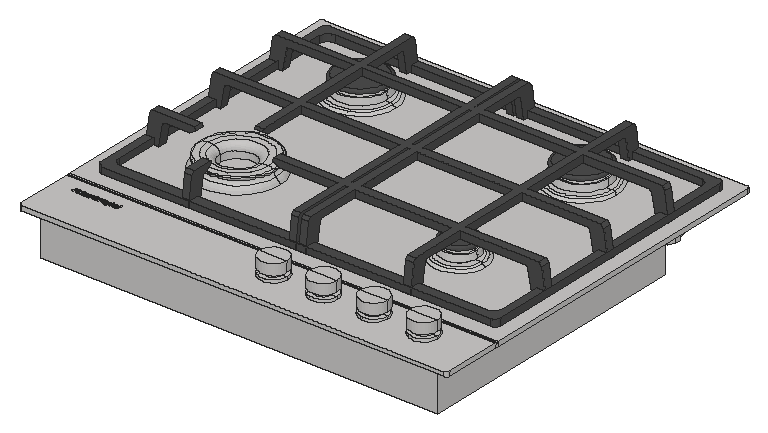
Revit family "CG604DX1 COOKTOP", category Generic Models, Revit 2013
Parameters (values of type "Fisher&Paykel Cooktop CG604DX1")
  Width = 600.000 mm
  URL = "www.fisherpaykel.com"
  Frame = Metal
  Model = "CG604DX1"
  Manufacturer = "Fisher&Paykel"
  Height = 64.850 mm
  Description = "Fisher&Paykel Cooktop CG604DX1"
  Depth = 530.000 mm
  Cooktop = Stainless Steel
  Burner = Stainless Steel
  Brand = none
  Body = Body
Reference planes
  plane 1 "Center (Front/Back)": y = -40.147
  plane 2: z = 0
  plane 3 "Center (Left/Right)": x = 0
  plane 4: y = 224.853
  plane 5: y = -305.147
  plane 6: x = -300
  plane 7: x = 300
  plane 8: y = -220.147
  plane 9: y = -217.147
  plane 10: z = 64.85
  plane 11: z = 58.35
  plane 12: x = -277.75
  plane 13: x = 277.75
  plane 14: y = 191.853
  plane 15: y = -293.647
  plane 16: z = 70.85
Forms (mm)
  Extrusion 1, solid, material "Metal" <- "Frame"
    sketch origin (0, 108.128, 0) x (1, 0, 0) y (0, 0, 1)
      loop
        line (271.404, 107.35) -> (-270.404, 107.35) -> (-274.273, 102.399) -> (-279.55, 64.85) -> (-260.521, 64.85) -> (-255.228, 94.871)
        arc (-255.228, 94.871) -> (-254.201, 96.648) -> (-252.273, 97.35) r 3
        line (-252.273, 97.35) -> (253.273, 97.35)
        arc (253.273, 97.35) -> (255.201, 96.648) -> (256.228, 94.871) r 3
        line (256.228, 94.871) -> (261.521, 64.85) -> (280.55, 64.85) -> (275.273, 102.399) -> (271.404, 107.35)
    from 97.637 to 108.128
  Extrusion 2, solid, material "Metal" <- "Frame"
    sketch origin (0, 215.628, 0) x (1, 0, 0) y (0, 0, 1)
      loop
        line (271.404, 107.35) -> (-270.404, 107.35) -> (-274.273, 102.399) -> (-279.55, 64.85) -> (-260.521, 64.85) -> (-255.228, 94.871)
        arc (-255.228, 94.871) -> (-254.201, 96.648) -> (-252.273, 97.35) r 3
        line (-252.273, 97.35) -> (253.273, 97.35)
        arc (253.273, 97.35) -> (255.201, 96.648) -> (256.228, 94.871) r 3
        line (256.228, 94.871) -> (261.521, 64.85) -> (280.55, 64.85) -> (275.273, 102.399) -> (271.404, 107.35)
    from 97.637 to 108.128
  Extrusion 3, solid, material "Metal" <- "Frame"
    sketch origin (-257.265, 54.699, 0) x (0, 1, 0) y (0, 0, 1)
      loop
        arc (-224.941, 94.871) -> (-223.915, 96.648) -> (-221.987, 97.35) r 3
        line (-221.987, 97.35) -> (-220.052, 97.35) -> (-210.904, 103.067) -> (-212.052, 107.35) -> (-240.2, 107.35) -> (-244.068, 102.399) -> (-249.345, 64.85) -> (-230.234, 64.85) -> (-224.941, 94.871)
    from 96.898 to 107.555
  Extrusion 4, solid, material "Metal" <- "Frame"
    sketch origin (-256.651, -80.147, 0) x (0, 1, 0) y (0, 0, 1)
      loop
        line (14.331, 103.067) -> (23.478, 97.35) -> (259.104, 97.35)
        arc (259.104, 97.35) -> (261.032, 96.648) -> (262.058, 94.871) r 3
        line (262.058, 94.871) -> (267.352, 64.85) -> (285.501, 64.85) -> (280.223, 102.399) -> (276.355, 107.35) -> (15.478, 107.35) -> (14.331, 103.067)
    from 96.372 to 106.941
  Extrusion 5, solid, material "Metal" <- "Frame"
    sketch origin (-106.941, -80.147, 0) x (0, 1, 0) y (0, 0, 1)
      loop
        line (276.355, 107.35) -> (-105.354, 107.35) -> (-109.222, 102.399) -> (-114.499, 64.85) -> (-95.388, 64.85) -> (-90.095, 94.871)
        arc (-90.095, 94.871) -> (-89.069, 96.648) -> (-87.141, 97.35) r 3
        line (-87.141, 97.35) -> (259.104, 97.35)
        arc (259.104, 97.35) -> (261.032, 96.648) -> (262.058, 94.871) r 3
        line (262.058, 94.871) -> (267.352, 64.85) -> (285.501, 64.85) -> (280.223, 102.399) -> (276.355, 107.35)
    from 96.372 to 106.941
  Extrusion 6, solid, material "Metal" <- "Frame"
    sketch origin (-93.13, -80.147, 0) x (0, 1, 0) y (0, 0, 1)
      loop
        line (276.355, 107.35) -> (-105.354, 107.35) -> (-109.222, 102.399) -> (-114.499, 64.85) -> (-95.388, 64.85) -> (-90.095, 94.871)
        arc (-90.095, 94.871) -> (-89.069, 96.648) -> (-87.141, 97.35) r 3
        line (-87.141, 97.35) -> (259.104, 97.35)
        arc (259.104, 97.35) -> (261.032, 96.648) -> (262.058, 94.871) r 3
        line (262.058, 94.871) -> (267.352, 64.85) -> (285.501, 64.85) -> (280.223, 102.399) -> (276.355, 107.35)
    from 96.372 to 106.941
  Extrusion 7, solid, material "Metal" <- "Frame"
    sketch origin (53.213, -80.147, 0) x (0, 1, 0) y (0, 0, 1)
      loop
        line (276.355, 107.35) -> (-105.354, 107.35) -> (-109.222, 102.399) -> (-114.499, 64.85) -> (-95.388, 64.85) -> (-90.095, 94.871)
        arc (-90.095, 94.871) -> (-89.069, 96.648) -> (-87.141, 97.35) r 3
        line (-87.141, 97.35) -> (259.104, 97.35)
        arc (259.104, 97.35) -> (261.032, 96.648) -> (262.058, 94.871) r 3
        line (262.058, 94.871) -> (267.352, 64.85) -> (285.501, 64.85) -> (280.223, 102.399) -> (276.355, 107.35)
    from 96.372 to 106.941
  Revolve 8, solid, material "Stainless Steel" <- "Cooktop"
    sketch origin (-0.084, -252.711, 0) x (1, 0, 0) y (0, 0, 1)
      loop
        line (14.999, 88) -> (-4.05, 88) -> (-4.05, 73.9) -> (3.241, 73.9) -> (3.241, 67.9) -> (-4, 67.9) -> (-4.462, 64.85) -> (14.999, 64.85) -> (14.999, 88)
      axis (14.999, 64.85) -> (14.999, 88)
    angle from 0 to 360
  Revolve 9, solid, material "Stainless Steel" <- "Cooktop"
    sketch origin (69.916, -252.711, 0) x (1, 0, 0) y (0, 0, 1)
      loop
        line (14.999, 88) -> (-4.05, 88) -> (-4.05, 73.9) -> (3.241, 73.9) -> (3.241, 67.9) -> (-4, 67.9) -> (-4.462, 64.85) -> (14.999, 64.85) -> (14.999, 88)
      axis (14.999, 64.85) -> (14.999, 88)
    angle from 0 to 360
  Revolve 10, solid, material "Stainless Steel" <- "Cooktop"
    sketch origin (140.521, -252.711, 0) x (1, 0, 0) y (0, 0, 1)
      loop
        line (14.999, 88) -> (-4.05, 88) -> (-4.05, 73.9) -> (3.241, 73.9) -> (3.241, 67.9) -> (-4, 67.9) -> (-4.462, 64.85) -> (14.999, 64.85) -> (14.999, 88)
      axis (14.999, 64.85) -> (14.999, 88)
    angle from 0 to 360
  Revolve 11, solid, material "Stainless Steel" <- "Cooktop"
    sketch origin (210.521, -252.711, 0) x (1, 0, 0) y (0, 0, 1)
      loop
        line (14.999, 88) -> (-4.05, 88) -> (-4.05, 73.9) -> (3.241, 73.9) -> (3.241, 67.9) -> (-4, 67.9) -> (-4.462, 64.85) -> (14.999, 64.85) -> (14.999, 88)
      axis (14.999, 64.85) -> (14.999, 88)
    angle from 0 to 360
  Revolve 12, solid, material "Stainless Steel" <- "Burner"
    sketch origin (0, -102.141, 0) x (1, 0, 0) y (0, 0, 1)
      loop
        line (-212.646, 70.85) -> (-155, 70.85) -> (-155, 89.555) -> (-197.47, 89.555) -> (-205.349, 89.235)
        arc (-205.349, 89.235) -> (-206.448, 88.93) -> (-207.353, 88.237) r 3
        arc (-207.353, 88.237) -> (-207.266, 86.956) -> (-206.139, 86.339) r 1.337
        line (-206.139, 86.339) -> (-204.154, 86.339)
        arc (-204.154, 86.339) -> (-205.072, 82.596) -> (-207.353, 79.49) r 9.879
        arc (-207.353, 79.49) -> (-210.608, 75.543) -> (-212.646, 70.85) r 18.339
      axis (-155, 70.85) -> (-155, 89.555)
    angle from 0 to 360
  Revolve 13, solid, material "Stainless Steel" <- "Burner"
    sketch origin (0, -102.438, 0) x (1, 0, 0) y (0, 0, 1)
      loop
        arc (124.82, 73.85) -> (123.11, 73.548) -> (121.606, 72.68) r 5
        line (121.606, 72.68) -> (118.233, 69.85) -> (155, 69.85) -> (155, 92.03) -> (135.357, 92.03) -> (133.636, 86.03) -> (131, 85.518) -> (129.059, 77.43) -> (135.115, 77.43) -> (135.115, 73.85) -> (124.82, 73.85)
      axis (155, 69.85) -> (155, 92.03)
    angle from 0 to 360
  Revolve 14, solid, material "Stainless Steel" <- "Burner"
    sketch origin (0, 112.898, 0) x (-1, 0, 0) y (0, 0, -1)
      loop
        line (155, -69.85) -> (106.733, -69.85) -> (110.106, -72.68)
        arc (110.106, -72.68) -> (111.61, -73.548) -> (113.32, -73.85) r 5
        line (113.32, -73.85) -> (135.115, -73.85) -> (135.115, -77.43) -> (117.409, -77.43) -> (119.372, -85.609) -> (121.536, -86.03) -> (123.257, -92.03) -> (155, -92.03) -> (155, -69.85)
      axis (155, -69.85) -> (155, -92.03)
    angle from 0 to 360
  Extrusion 15, solid, material "Metal" <- "Frame"
    sketch origin (0, -0.637, 0) x (1, 0, 0) y (0, 0, 1)
      loop
        arc (-255.228, 94.871) -> (-254.201, 96.648) -> (-252.273, 97.35) r 3
        line (-252.273, 97.35) -> (-218, 97.35) -> (-208.852, 103.067) -> (-210, 107.35) -> (-270.404, 107.35) -> (-274.273, 102.399) -> (-279.55, 64.85) -> (-260.521, 64.85) -> (-255.228, 94.871)
    from 96.372 to 108.128
  Extrusion 16, solid, material "Metal" <- "Frame"
    sketch origin (0, -0.637, 0) x (1, 0, 0) y (0, 0, 1)
      loop
        line (-101.148, 103.067) -> (-92, 97.35) -> (253.273, 97.35)
        arc (253.273, 97.35) -> (255.201, 96.648) -> (256.228, 94.871) r 3
        line (256.228, 94.871) -> (261.521, 64.85) -> (280.55, 64.85) -> (275.273, 102.399) -> (271.404, 107.35) -> (-100, 107.35) -> (-101.148, 103.067)
    from 96.372 to 108.128
  Extrusion 17, solid, material "Metal" <- "Frame"
    sketch origin (0, 0, 0) x (1, 0, 0) y (0, 1, 0)
      loop
        spline (-271.628, 205.353) -> (-272.668, 205.286) -> (-273.688, 205.085) -> (-274.671, 204.753) -> (-275.601, 204.297) -> (-276.461, 203.723) -> (-277.239, 203.042) -> (-277.92, 202.265) -> (-278.494, 201.404) -> (-278.95, 200.474) -> (-279.281, 199.491) -> (-279.483, 198.471) -> (-279.55, 197.431)
        line (-279.55, 197.431) -> (-279.55, -186.725)
        spline (-279.55, -186.725) -> (-279.483, -187.765) -> (-279.281, -188.785) -> (-278.95, -189.768) -> (-278.494, -190.698) -> (-277.92, -191.558) -> (-277.239, -192.336) -> (-276.461, -193.017) -> (-275.601, -193.59) -> (-274.671, -194.047) -> (-273.688, -194.378) -> (-272.668, -194.579) -> (-271.628, -194.647)
        line (-271.628, -194.647) -> (272.628, -194.647)
        spline (272.628, -194.647) -> (273.668, -194.579) -> (274.688, -194.378) -> (275.671, -194.047) -> (276.601, -193.59) -> (277.461, -193.017) -> (278.239, -192.336) -> (278.92, -191.558) -> (279.494, -190.698) -> (279.95, -189.768) -> (280.281, -188.785) -> (280.483, -187.765) -> (280.55, -186.725)
        line (280.55, -186.725) -> (280.55, 197.431)
        spline (280.55, 197.431) -> (280.483, 198.471) -> (280.281, 199.491) -> (279.95, 200.474) -> (279.494, 201.404) -> (278.92, 202.265) -> (278.239, 203.042) -> (277.461, 203.723) -> (276.601, 204.297) -> (275.671, 204.753) -> (274.688, 205.085) -> (273.668, 205.286) -> (272.628, 205.353)
        line (272.628, 205.353) -> (-271.628, 205.353)
      loop
        line (-256.721, -182.06) -> (259.342, -182.06)
        arc (259.342, -182.06) -> (266.148, -178.216) -> (269.139, -170.994) r 11.992
        line (269.139, -170.994) -> (269.139, 181.7)
        arc (269.139, 181.7) -> (265.847, 189.65) -> (257.897, 192.943) r 11.242
        line (257.897, 192.943) -> (-255.585, 192.943)
        arc (-255.585, 192.943) -> (-264.338, 189.317) -> (-267.963, 180.564) r 12.378
        line (-267.963, 180.564) -> (-267.963, -170.817)
        arc (-267.963, -170.817) -> (-264.473, -178.57) -> (-256.721, -182.06) r 11.992
    from 64.85 to 73.9
  Revolve 18, solid, material "Metal" <- "Frame"
    sketch origin (0, -102.438, 0) x (1, 0, 0) y (0, 0, 1)
      loop
        line (129.5, 92.03) -> (155, 92.03) -> (155, 95.53) -> (133, 95.53)
        arc (133, 95.53) -> (130.525, 94.505) -> (129.5, 92.03) r 3.5
      axis (155, 92.03) -> (155, 95.53)
    angle from 0 to 360
  Revolve 19, solid, material "Metal" <- "Frame"
    sketch origin (0, 112.898, 0) x (-1, 0, 0) y (0, 0, -1)
      loop
        line (155, -92.03) -> (117.4, -92.03)
        arc (117.4, -92.03) -> (118.425, -94.505) -> (120.9, -95.53) r 3.5
        line (120.9, -95.53) -> (155, -95.53) -> (155, -92.03)
      axis (155, -92.03) -> (155, -95.53)
    angle from 0 to 360
  Revolve 20, solid, material "Stainless Steel" <- "Burner"
    sketch origin (0, 112.898, 0) x (1, 0, 0) y (0, 0, 1)
      loop
        line (155, 69.85) -> (155, 92.03) -> (123.257, 92.03) -> (121.536, 86.03) -> (119.372, 85.609) -> (117.409, 77.43) -> (135.115, 77.43) -> (135.115, 73.85) -> (113.32, 73.85)
        arc (113.32, 73.85) -> (111.61, 73.548) -> (110.106, 72.68) r 5
        line (110.106, 72.68) -> (106.733, 69.85) -> (155, 69.85)
      axis (155, 69.85) -> (155, 92.03)
    angle from 0 to 360
  Revolve 21, solid, material "Metal" <- "Frame"
    sketch origin (0, 112.898, 0) x (1, 0, 0) y (0, 0, 1)
      loop
        line (155, 92.03) -> (155, 95.53) -> (120.9, 95.53)
        arc (120.9, 95.53) -> (118.425, 94.505) -> (117.4, 92.03) r 3.5
        line (117.4, 92.03) -> (155, 92.03)
      axis (155, 92.03) -> (155, 95.53)
    angle from 0 to 360
  Revolve 22, void
    sketch origin (0, -103.379, 0) x (1, 0, 0) y (0, 0, 1)
      loop
        line (-155, 89.555) -> (-189.353, 89.555)
        arc (-189.353, 89.555) -> (-182.739, 86.816) -> (-180, 80.203) r 9.353
        line (-180, 80.203) -> (-180, 70.85) -> (-155, 70.85) -> (-155, 89.555)
      axis (-155, 70.85) -> (-155, 89.555)
    angle from 0 to 360
  Extrusion 23, solid, material "Stainless Steel" <- "Cooktop"
    sketch origin (0, 0, 0) x (1, 0, 0) y (0, 1, 0)
      loop
        line (-300, -217.147) -> (300, -217.147) -> (300, 220.853)
        arc (300, 220.853) -> (298.828, 223.682) -> (296, 224.853) r 4
        line (296, 224.853) -> (-296, 224.853)
        arc (-296, 224.853) -> (-298.828, 223.682) -> (-300, 220.853) r 4
        line (-300, 220.853) -> (-300, -217.147)
    from 58.35 to 64.35
  Extrusion 24, solid, material "Stainless Steel" <- "Cooktop"
    sketch origin (0, -40.147, 0) x (1, 0, 0) y (0, 0, 1)
      loop
        arc (300.5, 62.55) -> (299.826, 64.176) -> (298.2, 64.85) r 2.3
        line (298.2, 64.85) -> (-298.2, 64.85)
        arc (-298.2, 64.85) -> (-299.826, 64.176) -> (-300.5, 62.55) r 2.3
        line (-300.5, 62.55) -> (-300.5, 58.35) -> (300.5, 58.35) -> (300.5, 62.55)
    from 177 to 180
  Extrusion 25, solid, material "Stainless Steel" <- "Cooktop"
    sketch origin (0, 0, 0) x (1, 0, 0) y (0, 1, 0)
      loop
        line (-300, -220.147) -> (-300, -301.147)
        arc (-300, -301.147) -> (-298.828, -303.975) -> (-296, -305.147) r 4
        line (-296, -305.147) -> (296, -305.147)
        arc (296, -305.147) -> (298.828, -303.975) -> (300, -301.147) r 4
        line (300, -301.147) -> (300, -220.147) -> (-300, -220.147)
    from 58.35 to 64.35
  Extrusion 26, solid, material "Stainless Steel" <- "Cooktop"
    sketch origin (0, -40.147, 0) x (1, 0, 0) y (0, 0, 1)
      loop
        line (-277.75, 55.3) -> (277.75, 55.3) -> (277.75, 58.35) -> (-277.75, 58.35) -> (-277.75, 55.3)
    from -232 to 253.5
  Extrusion 27, solid, material "Stainless Steel" <- "Cooktop"
    sketch origin (0, -47.447, 0) x (1, 0, 0) y (0, 1, 0)
      loop
        line (-277.75, -246.2) -> (277.75, -246.2) -> (277.75, 151.854) -> (173.536, 239.3) -> (-277.75, 239.3) -> (-277.75, -246.2)
    from 0 to 55.3
  Revolve 28, solid, material "Stainless Steel" <- "Cooktop"
    sketch origin (0, -47.447, 29.65) x (1, 0, 0) y (0, 1, 0)
      loop
        line (263.45, 163.853) -> (263.45, 183.853) -> (255.5, 183.853) -> (255.5, 163.853) -> (263.45, 163.853)
      axis (255.5, 183.853) -> (255.5, 163.853)
    angle from 0 to 360
  Extrusion 29, solid, material "Stainless Steel" <- "Cooktop"
    sketch origin (0, -56.887, 623.091) x (1, 0, 0) y (0, 0, 1)
      loop
        line (266.93, -585.337) -> (255.5, -578.737) -> (244.07, -585.337) -> (244.07, -601.468) -> (255.5, -608.067) -> (266.93, -601.468) -> (266.93, -585.337)
      loop
        circle (255.5, -593.402) r 7.95
    from -200.294 to -193.294
  Revolve 30, solid, material "Stainless Steel" <- "Cooktop"
    sketch origin (0, -55.043, 29.688) x (1, 0, 0) y (0, 1, 0)
      loop
        line (265.93, 207.45) -> (264.93, 208.45) -> (255.5, 208.45) -> (255.5, 198.45) -> (264.75, 198.45) -> (265.93, 199.131) -> (265.93, 207.45)
      axis (255.5, 198.45) -> (255.5, 208.45)
    angle from 0 to 360
  Revolve 31, solid, material "Stainless Steel" <- "Cooktop"
    sketch origin (0, -55.043, 29.687) x (1, 0, 0) y (0, 1, 0)
      loop
        line (263.9, 210.55) -> (255.5, 210.55) -> (255.5, 208.455) -> (263.9, 208.455)
        arc (263.9, 208.455) -> (264.324, 208.63) -> (264.5, 209.055) r 0.6
        line (264.5, 209.055) -> (264.5, 209.95)
        arc (264.5, 209.95) -> (264.324, 210.374) -> (263.9, 210.55) r 0.6
      axis (255.5, 208.455) -> (255.5, 210.55)
    angle from 0 to 360
  Extrusion 32, solid, material <- "Brand"
    sketch origin (-242.398, -286.147, -235.892) x (1, 0, 0) y (0, 1, 0)
      loop
        line (-30.953, 48.191) -> (-32.602, 42) -> (-31.116, 42) -> (-30.444, 44.543) -> (-26.996, 44.543) -> (-26.73, 45.526) -> (-30.177, 45.526) -> (-29.735, 47.208) -> (-26.103, 47.208) -> (-25.836, 48.191) -> (-30.953, 48.191)
      loop
        line (-25.656, 47.301) -> (-24.344, 47.301) -> (-24.101, 48.191) -> (-25.412, 48.191) -> (-25.656, 47.301)
      loop
        line (-25.913, 46.334) -> (-27.061, 42) -> (-25.749, 42) -> (-24.599, 46.334) -> (-25.913, 46.334)
      loop
        line (29.651, 42) -> (30.963, 42) -> (32.611, 48.191) -> (31.299, 48.191) -> (29.651, 42)
      loop
        spline (-17.927, 44.459) -> (-17.736, 44.873) -> (-17.532, 45.165) -> (-17.315, 45.355) -> (-17.083, 45.464) -> (-16.835, 45.515) -> (-16.57, 45.528) -> (-16.288, 45.522) -> (-16.008, 45.495) -> (-15.763, 45.428) -> (-15.587, 45.301) -> (-15.512, 45.096) -> (-15.571, 44.794)
        line (-15.571, 44.794) -> (-16.314, 42) -> (-15.002, 42) -> (-14.225, 44.942)
        spline (-14.225, 44.942) -> (-14.121, 45.59) -> (-14.294, 45.988) -> (-14.6, 46.208) -> (-14.904, 46.319) -> (-15.172, 46.364) -> (-15.417, 46.374) -> (-15.658, 46.373) -> (-15.914, 46.372) -> (-16.209, 46.367) -> (-16.568, 46.328) -> (-17.025, 46.129) -> (-17.613, 45.62)
        line (-17.613, 45.62) -> (-16.929, 48.191) -> (-18.24, 48.191) -> (-19.888, 42) -> (-18.576, 42) -> (-17.927, 44.459)
      loop
        line (-6.508, 46.334) -> (-7.819, 46.334) -> (-8.968, 42) -> (-7.655, 42) -> (-6.983, 44.551)
        spline (-6.983, 44.551) -> (-6.825, 44.942) -> (-6.666, 45.208) -> (-6.502, 45.374) -> (-6.328, 45.467) -> (-6.14, 45.512) -> (-5.935, 45.535) -> (-5.714, 45.55) -> (-5.504, 45.537) -> (-5.332, 45.468) -> (-5.228, 45.317) -> (-5.222, 45.055) -> (-5.342, 44.655)
        line (-5.342, 44.655) -> (-4.104, 44.655)
        spline (-4.104, 44.655) -> (-3.933, 45.488) -> (-3.978, 45.922) -> (-4.147, 46.117) -> (-4.349, 46.226) -> (-4.553, 46.308) -> (-4.765, 46.36) -> (-4.99, 46.385) -> (-5.239, 46.387) -> (-5.523, 46.375) -> (-5.859, 46.31) -> (-6.277, 46.089) -> (-6.804, 45.601)
        line (-6.804, 45.601) -> (-6.508, 46.334)
      loop
        line (15.879, 42) -> (16.66, 42)
        arc (16.66, 42) -> (16.268, 41.456) -> (15.756, 41.023) r 2.757
        arc (15.756, 41.023) -> (15.343, 40.878) -> (14.905, 40.858) r 1.509
        line (14.905, 40.858) -> (14.697, 40.097)
        arc (14.697, 40.097) -> (15.285, 40.084) -> (15.87, 40.159) r 3.922
        arc (15.87, 40.159) -> (16.608, 40.447) -> (17.208, 40.963) r 2.353
        arc (17.208, 40.963) -> (17.497, 41.337) -> (17.761, 41.73) r 7.064
        line (17.761, 41.73) -> (20.407, 46.334) -> (19.05, 46.334) -> (17.017, 42.678) -> (16.646, 46.334) -> (15.254, 46.334) -> (15.879, 42)
      loop
        line (19.436, 42) -> (20.748, 42) -> (21.258, 43.92) -> (22.039, 43.92) -> (23.292, 42) -> (24.905, 42) -> (23.246, 44.292) -> (25.671, 46.334) -> (24.162, 46.334) -> (22.26, 44.646) -> (21.456, 44.646) -> (22.394, 48.191) -> (21.084, 48.191) -> (19.436, 42)
      loop
        line (2.998, 42) -> (4.483, 42) -> (5.017, 43.995) -> (6.747, 43.995)
        spline (6.747, 43.995) -> (7.933, 44.048) -> (8.739, 44.196) -> (9.27, 44.422) -> (9.631, 44.71) -> (9.89, 45.057) -> (10.084, 45.469) -> (10.251, 45.951) -> (10.415, 46.505) -> (10.469, 47.083) -> (10.237, 47.607) -> (9.543, 48.002) -> (8.209, 48.191)
        line (8.209, 48.191) -> (4.646, 48.191) -> (2.998, 42)
      loop
        line (5.865, 47.208) -> (5.285, 45.016) -> (6.956, 45.016)
        spline (6.956, 45.016) -> (7.522, 44.999) -> (7.939, 45.072) -> (8.239, 45.22) -> (8.451, 45.427) -> (8.606, 45.677) -> (8.733, 45.954) -> (8.843, 46.241) -> (8.901, 46.521) -> (8.862, 46.775) -> (8.682, 46.987) -> (8.318, 47.137) -> (7.725, 47.208)
        line (7.725, 47.208) -> (5.865, 47.208)
      loop
        line (-12.473, 44.626) -> (-10.105, 44.626)
        spline (-10.105, 44.626) -> (-9.998, 45.033) -> (-10.042, 45.309) -> (-10.205, 45.479) -> (-10.456, 45.567) -> (-10.763, 45.597) -> (-11.095, 45.593) -> (-11.42, 45.574) -> (-11.724, 45.529) -> (-11.992, 45.436) -> (-12.215, 45.269) -> (-12.379, 45.007) -> (-12.473, 44.626)
      loop
        arc (-8.991, 43.977) -> (-8.82, 44.525) -> (-8.699, 45.086) r 6.578
        arc (-8.699, 45.086) -> (-8.767, 45.677) -> (-9.142, 46.139) r 1.061
        arc (-9.142, 46.139) -> (-10.343, 46.352) -> (-11.564, 46.335) r 6.441
        arc (-11.564, 46.335) -> (-12.678, 46.071) -> (-13.512, 45.287) r 2.216
        arc (-13.512, 45.287) -> (-14.004, 44.033) -> (-14.018, 42.686) r 3.733
        arc (-14.018, 42.686) -> (-13.551, 42.132) -> (-12.849, 41.954) r 1.185
        arc (-12.849, 41.954) -> (-11.682, 41.922) -> (-10.517, 42.002) r 12.327
        arc (-10.517, 42.002) -> (-9.541, 42.406) -> (-9.137, 43.382) r 1.38
        line (-9.137, 43.382) -> (-10.442, 43.382)
        spline (-10.442, 43.382) -> (-10.633, 43.06) -> (-10.878, 42.862) -> (-11.16, 42.761) -> (-11.465, 42.73) -> (-11.776, 42.742) -> (-12.078, 42.77) -> (-12.352, 42.807) -> (-12.581, 42.876) -> (-12.745, 43.003) -> (-12.826, 43.212) -> (-12.803, 43.529) -> (-12.659, 43.977)
        line (-12.659, 43.977) -> (-8.991, 43.977)
      loop
        line (26.22, 44.646) -> (28.587, 44.646)
        spline (28.587, 44.646) -> (28.695, 45.053) -> (28.651, 45.329) -> (28.488, 45.499) -> (28.237, 45.586) -> (27.929, 45.616) -> (27.598, 45.612) -> (27.272, 45.593) -> (26.969, 45.549) -> (26.7, 45.455) -> (26.478, 45.289) -> (26.314, 45.027) -> (26.22, 44.646)
      loop
        arc (29.702, 43.997) -> (29.872, 44.545) -> (29.994, 45.106) r 6.578
        arc (29.994, 45.106) -> (29.926, 45.697) -> (29.551, 46.159) r 1.061
        arc (29.551, 46.159) -> (28.349, 46.372) -> (27.129, 46.354) r 6.441
        arc (27.129, 46.354) -> (26.015, 46.091) -> (25.18, 45.306) r 2.216
        arc (25.18, 45.306) -> (24.689, 44.052) -> (24.675, 42.705) r 3.733
        arc (24.675, 42.705) -> (25.141, 42.152) -> (25.843, 41.973) r 1.185
        arc (25.843, 41.973) -> (27.011, 41.942) -> (28.175, 42.021) r 12.327
        arc (28.175, 42.021) -> (29.151, 42.425) -> (29.556, 43.402) r 1.38
        line (29.556, 43.402) -> (28.251, 43.402)
        spline (28.251, 43.402) -> (28.06, 43.08) -> (27.815, 42.882) -> (27.532, 42.781) -> (27.228, 42.75) -> (26.917, 42.761) -> (26.615, 42.789) -> (26.341, 42.826) -> (26.112, 42.896) -> (25.948, 43.023) -> (25.867, 43.232) -> (25.889, 43.548) -> (26.034, 43.997)
        line (26.034, 43.997) -> (29.702, 43.997)
      loop
        spline (14.905, 44.831) -> (14.952, 45.575) -> (14.749, 45.987) -> (14.392, 46.182) -> (13.973, 46.273) -> (13.542, 46.331) -> (13.095, 46.368) -> (12.626, 46.393) -> (12.125, 46.413) -> (11.602, 46.394) -> (11.088, 46.234) -> (10.615, 45.831) -> (10.217, 45.081)
        line (10.217, 45.081) -> (11.539, 45.081)
        arc (11.539, 45.081) -> (11.716, 45.506) -> (12.141, 45.683) r 0.602
        arc (12.141, 45.683) -> (12.791, 45.729) -> (13.429, 45.593) r 2.319
        arc (13.429, 45.593) -> (13.622, 45.22) -> (13.568, 44.805) r 0.7
        line (13.568, 44.805) -> (13.339, 44.058)
        spline (13.339, 44.058) -> (12.245, 44.554) -> (11.326, 44.546) -> (10.604, 44.382) -> (10.059, 44.063) -> (9.687, 43.586) -> (9.523, 43.039) -> (9.567, 42.569) -> (9.83, 42.263) -> (10.377, 42.066) -> (11.192, 41.955) -> (12.196, 42.06) -> (13.211, 42.909)
        line (13.211, 42.909) -> (12.84, 42) -> (14.151, 42) -> (14.905, 44.831)
      loop
        spline (10.791, 43.189) -> (10.85, 43.028) -> (10.988, 42.886) -> (11.196, 42.773) -> (11.459, 42.697) -> (11.761, 42.663) -> (12.08, 42.673) -> (12.395, 42.727) -> (12.683, 42.821) -> (12.926, 42.948) -> (13.107, 43.1) -> (13.214, 43.267) -> (13.239, 43.437)
        spline (13.239, 43.437) -> (13.181, 43.598) -> (13.043, 43.74) -> (12.835, 43.853) -> (12.571, 43.929) -> (12.269, 43.963) -> (11.95, 43.952) -> (11.636, 43.899) -> (11.347, 43.805) -> (11.104, 43.677) -> (10.923, 43.525) -> (10.816, 43.359) -> (10.791, 43.189)
      loop
        spline (-25.091, 43.365) -> (-24.368, 41.974) -> (-22.868, 41.868) -> (-21.596, 42.032) -> (-20.619, 42.442) -> (-20.004, 43.175) -> (-19.942, 44) -> (-20.657, 44.502) -> (-22.028, 44.588) -> (-23.017, 44.731) -> (-23.144, 45.238) -> (-22.057, 45.702) -> (-20.968, 45.146)
        line (-20.968, 45.146) -> (-19.702, 45.146)
        spline (-19.702, 45.146) -> (-20.343, 46.27) -> (-21.728, 46.416) -> (-22.949, 46.35) -> (-23.902, 45.984) -> (-24.392, 45.158) -> (-24.435, 44.26) -> (-23.558, 43.881) -> (-22.302, 43.821) -> (-21.435, 43.661) -> (-21.308, 43.146) -> (-22.51, 42.606) -> (-23.602, 43.365)
        line (-23.602, 43.365) -> (-25.091, 43.365)
      loop
        arc (1.581, 43.253) -> (1.836, 43.853) -> (1.985, 44.487) r 3.817
        line (1.985, 44.487) -> (1.204, 44.487)
        arc (1.204, 44.487) -> (1.115, 44.103) -> (1, 43.726) r 5.753
        line (1, 43.726) -> (-0.639, 45.055)
        spline (-0.639, 45.055) -> (1.145, 45.487) -> (1.638, 45.914) -> (1.852, 46.489) -> (1.755, 47.074) -> (1.332, 47.367) -> (0.759, 47.514) -> (0.083, 47.596) -> (-0.69, 47.598) -> (-1.41, 47.449) -> (-1.97, 47.09) -> (-2.36, 46.487) -> (-2.16, 45.237)
        spline (-2.16, 45.237) -> (-3.4, 44.72) -> (-3.75, 44.178) -> (-3.901, 43.635) -> (-3.998, 43.033) -> (-3.893, 42.512) -> (-3.501, 42.221) -> (-2.981, 42.061) -> (-2.42, 41.973) -> (-1.798, 41.942) -> (-1.003, 41.939) -> (0.023, 42.04) -> (1.156, 42.614)
        line (1.156, 42.614) -> (2.01, 41.939) -> (2.608, 42.441) -> (1.581, 43.253)
      loop
        spline (-1.714, 44.884) -> (-2.588, 44.583) -> (-2.927, 44.075) -> (-3.094, 43.547) -> (-3.165, 43.101) -> (-3.068, 42.793) -> (-2.802, 42.621) -> (-2.43, 42.538) -> (-1.983, 42.502) -> (-1.428, 42.492) -> (-0.727, 42.496) -> (0.025, 42.613) -> (0.617, 43.041)
        line (0.617, 43.041) -> (-1.714, 44.884)
      loop
        line (-1.059, 45.395) -> (0.136, 45.584)
        spline (0.136, 45.584) -> (0.942, 46.002) -> (1.066, 46.466) -> (1.028, 46.78) -> (0.826, 46.95) -> (0.458, 47.013) -> (0.008, 47.02) -> (-0.45, 46.997) -> (-0.853, 46.94) -> (-1.175, 46.82) -> (-1.452, 46.567) -> (-1.592, 46.108) -> (-1.059, 45.395)
    from 300.086 to 300.529
  Extrusion 33, void
    sketch origin (0, -50.847, 0) x (1, 0, 0) y (0, 1, 0)
      loop
        line (-31, 242.7) -> (-31, 153.3) -> (31, 153.3) -> (31, 242.7) -> (-31, 242.7)
    from 0 to 30
  Revolve 34, solid, material "Stainless Steel" <- "Cooktop"
    sketch origin (0, -50.847, 15) x (1, 0, 0) y (0, 1, 0)
      loop
        line (0, 242.7) -> (-3, 242.7) -> (-3, 229.613) -> (0, 229.613) -> (0, 242.7)
      axis (0, 229.613) -> (0, 242.7)
    angle from 0 to 360
  Extrusion 35, solid, material "Stainless Steel" <- "Cooktop"
    sketch origin (0, -50.847, 0) x (1, 0, 0) y (0, 1, 0)
      loop
        line (-20, 171.023) -> (20, 171.023) -> (20, 229.613) -> (-20, 229.613) -> (-20, 171.023)
    from 0 to 30
Cuts and joins
  joined: Extrusion 1, Extrusion 2, Extrusion 4, Extrusion 5, Extrusion 6, Extrusion 7, Extrusion 16
  Revolve 22 cuts Revolve 12
  Extrusion 33 cuts Extrusion 27
Lines and regions (mm)
  model lines
    curve 1: line (-20, 122.956, 0) -> (20, 122.956, 0)
    curve 2: line (-20, 158.547, 0) -> (20, 158.547, 0)
    curve 3: line (0, -194.647, 64.85) -> (0, -189.37, 102.399)
    curve 4: line (0, -173.682, 75.365) -> (0, -171.742, 86.364)
Dimensions and locks
  equal spacing: plane 6, plane 3 "Center (Left/Right)", plane 7
  "Width": plane 6 to plane 7
  equal spacing: plane 4, plane 1 "Center (Front/Back)", plane 5
  "Depth": plane 4 to plane 5
  plane 4 to plane 9 to plane 8 to plane 5 = 442.000 mm, 3.000 mm, 85.000 mm
  "Height": level to plane 10
  plane 11 to plane 10 = 6.500 mm
  plane 12 to plane 6 = 22.250 mm
  plane 13 to plane 7 = 22.250 mm
  plane 4 to plane 14 = 33.000 mm
  plane 15 to plane 5 = 11.500 mm
  aligned and locked: plane 10 to Extrusion 15
  aligned and locked: plane 10 to cut or joined group of Extrusion 1, Extrusion 2, Extrusion 4, Extrusion 5, Extrusion 6, Extrusion 7, Extrusion 16  (x11)
  aligned and locked: plane 10 to Extrusion 3
  aligned and locked: plane 10 to Revolve 8
  aligned and locked: plane 10 to Revolve 9
  aligned and locked: plane 10 to Revolve 10
  aligned and locked: plane 10 to Extrusion 16
  aligned and locked: plane 10 to Revolve 11
Automatic sketch dimensions
  plane 16 to Revolve 13 sketch curve = 1.000 mm
  plane 3 "Center (Left/Right)" to Revolve 13 sketch curve = 118.233 mm
  Revolve 13 sketch curve to plane 16 = 1.830 mm
  Revolve 13 sketch curve to Revolve 13 sketch curve = 3.373 mm
  Revolve 13 sketch curve to plane 16 = 3.000 mm
  Revolve 13 sketch curve to Revolve 13 sketch curve = 3.214 mm
  Revolve 13 sketch curve to Revolve 13 sketch curve = 4.239 mm
  Revolve 13 sketch curve to plane 16 = 14.668 mm
  Revolve 13 sketch curve to Revolve 13 sketch curve = 1.942 mm
  Revolve 13 sketch curve to plane 16 = 15.180 mm
  Revolve 13 sketch curve to Revolve 13 sketch curve = 2.636 mm
  Revolve 13 sketch curve to Revolve 13 sketch curve = 6.056 mm
  Revolve 13 sketch curve to Revolve 13 sketch curve = 1.720 mm
  Revolve 13 sketch curve to Revolve 13 sketch curve = 19.885 mm
  Revolve 13 sketch curve to Revolve 13 sketch curve = 0.000 mm
  Revolve 13 sketch curve to Revolve 13 sketch curve = 3.580 mm
  Revolve 13 sketch curve to Revolve 13 sketch curve = 6.000 mm
  Revolve 13 sketch curve to Revolve 13 sketch curve = 3.500 mm
  Revolve 13 sketch curve to Revolve 13 sketch curve = 3.461 mm
  plane 16 to Revolve 14 sketch curve = 1.000 mm
  Revolve 14 sketch curve to plane 3 "Center (Left/Right)" = 106.733 mm
  Revolve 14 sketch curve to plane 16 = 21.180 mm
  Revolve 14 sketch curve to plane 16 = 1.830 mm
  Revolve 14 sketch curve to Revolve 14 sketch curve = 3.373 mm
  Revolve 14 sketch curve to plane 16 = 3.000 mm
  Revolve 14 sketch curve to Revolve 14 sketch curve = 3.214 mm
  Revolve 14 sketch curve to plane 16 = 6.580 mm
  Revolve 14 sketch curve to Revolve 14 sketch curve = 4.089 mm
  Revolve 14 sketch curve to plane 16 = 14.759 mm
  Revolve 14 sketch curve to Revolve 14 sketch curve = 1.964 mm
  Revolve 14 sketch curve to plane 16 = 15.180 mm
  Revolve 14 sketch curve to Revolve 14 sketch curve = 2.164 mm
  Revolve 14 sketch curve to Revolve 14 sketch curve = 1.720 mm
  Revolve 14 sketch curve to Revolve 14 sketch curve = 17.706 mm
  Revolve 14 sketch curve to Revolve 14 sketch curve = 19.885 mm
  Revolve 14 sketch curve to Revolve 14 sketch curve = 0.000 mm
  Revolve 14 sketch curve to Revolve 14 sketch curve = 7.090 mm
  Revolve 14 sketch curve to Revolve 14 sketch curve = 3.500 mm
  Extrusion 17 sketch curve to plane 12 = 1.800 mm
  plane 12 to Extrusion 17 sketch curve = 6.122 mm  (x2)
  plane 9 to Extrusion 17 sketch curve = 22.500 mm
  plane 12 to Extrusion 17 sketch curve = 9.787 mm
  Extrusion 17 sketch curve to Extrusion 17 sketch curve = 11.242 mm
  Extrusion 17 sketch curve to plane 14 = 1.089 mm
  Extrusion 17 sketch curve to Extrusion 17 sketch curve = 12.378 mm
  plane 13 to Extrusion 17 sketch curve = 19.853 mm
  plane 13 to Extrusion 17 sketch curve = 18.408 mm
  plane 13 to Extrusion 17 sketch curve = 8.611 mm
  plane 13 to Extrusion 17 sketch curve = 5.122 mm  (x2)
  Extrusion 17 sketch curve to plane 13 = 2.800 mm
  plane 12 to Extrusion 17 sketch curve = 6.279 mm  (x2)
  plane 14 to Extrusion 17 sketch curve = 0.346 mm
  Extrusion 17 sketch curve to Extrusion 17 sketch curve = 5.768 mm  (x2)
  Extrusion 17 sketch curve to Extrusion 17 sketch curve = 11.970 mm  (x2)
  plane 13 to Extrusion 17 sketch curve = 5.279 mm  (x2)
  Extrusion 17 sketch curve to plane 13 = 0.489 mm  (x2)
  Extrusion 17 sketch curve to Extrusion 17 sketch curve = 0.156 mm
  Extrusion 17 sketch curve to Extrusion 17 sketch curve = 5.611 mm
  Extrusion 17 sketch curve to Extrusion 17 sketch curve = 4.508 mm
  Extrusion 17 sketch curve to Extrusion 17 sketch curve = 11.066 mm
  Extrusion 17 sketch curve to Extrusion 17 sketch curve = 9.983 mm
  Extrusion 17 sketch curve to plane 14 = 5.578 mm  (x2)
  Revolve 18 sketch curve to plane 16 = 21.180 mm
  plane 3 "Center (Left/Right)" to Revolve 18 sketch curve = 129.500 mm
  Revolve 18 sketch curve to plane 16 = 24.680 mm
  Revolve 18 sketch curve to Revolve 18 sketch curve = 3.500 mm
  Revolve 18 sketch curve to Revolve 18 sketch curve = 22.000 mm
  Revolve 18 sketch curve to Revolve 18 sketch curve = 0.000 mm  (x2)
  Revolve 18 sketch curve to Revolve 18 sketch curve = 3.461 mm
  Revolve 19 sketch curve to plane 16 = 21.180 mm
  Revolve 19 sketch curve to plane 3 "Center (Left/Right)" = 117.400 mm
  Revolve 19 sketch curve to plane 16 = 24.680 mm
  Revolve 19 sketch curve to Revolve 19 sketch curve = 34.100 mm
  Revolve 19 sketch curve to Revolve 19 sketch curve = 0.000 mm  (x2)
  Revolve 19 sketch curve to Revolve 19 sketch curve = 3.590 mm
  plane 16 to Revolve 20 sketch curve = 1.000 mm
  plane 3 "Center (Left/Right)" to Revolve 20 sketch curve = 106.733 mm
  Revolve 20 sketch curve to plane 16 = 1.830 mm
  Revolve 20 sketch curve to Revolve 20 sketch curve = 3.373 mm
  Revolve 20 sketch curve to plane 16 = 3.000 mm
  Revolve 20 sketch curve to Revolve 20 sketch curve = 3.214 mm
  Revolve 20 sketch curve to plane 16 = 6.580 mm
  Revolve 20 sketch curve to Revolve 20 sketch curve = 4.089 mm
  Revolve 20 sketch curve to plane 16 = 14.759 mm
  Revolve 20 sketch curve to Revolve 20 sketch curve = 1.964 mm
  Revolve 20 sketch curve to plane 16 = 15.180 mm
  Revolve 20 sketch curve to Revolve 20 sketch curve = 2.164 mm
  Revolve 20 sketch curve to plane 16 = 21.180 mm
  Revolve 20 sketch curve to Revolve 20 sketch curve = 1.720 mm
  Revolve 20 sketch curve to Revolve 20 sketch curve = 17.706 mm
  Revolve 20 sketch curve to Revolve 20 sketch curve = 19.885 mm
  Revolve 20 sketch curve to Revolve 20 sketch curve = 0.000 mm
  Revolve 20 sketch curve to Revolve 20 sketch curve = 3.500 mm
  Revolve 20 sketch curve to Revolve 20 sketch curve = 3.590 mm
  Revolve 21 sketch curve to plane 16 = 21.180 mm
  plane 3 "Center (Left/Right)" to Revolve 21 sketch curve = 117.400 mm
  Revolve 21 sketch curve to plane 16 = 24.680 mm
  Revolve 21 sketch curve to Revolve 21 sketch curve = 34.100 mm
  Revolve 21 sketch curve to Revolve 21 sketch curve = 0.000 mm  (x2)
  Revolve 21 sketch curve to Revolve 21 sketch curve = 3.590 mm
  Revolve 22 sketch curve to plane 16 = 0.000 mm
  plane 12 to Revolve 22 sketch curve = 97.750 mm
  Revolve 22 sketch curve to plane 16 = 9.353 mm
  Revolve 22 sketch curve to Revolve 22 sketch curve = 25.000 mm
  Revolve 22 sketch curve to Revolve 22 sketch curve = 9.353 mm  (x2)
  Revolve 22 sketch curve to Revolve 22 sketch curve = 0.000 mm
  Revolve 22 sketch curve to Revolve 22 sketch curve = 18.705 mm
  Revolve 22 sketch curve to Revolve 22 sketch curve = 0.320 mm
  Revolve 22 sketch curve to Revolve 22 sketch curve = 5.183 mm
  Extrusion 23 sketch curve to plane 6 = 0.000 mm
  Extrusion 23 sketch curve to plane 4 = 0.000 mm
  Extrusion 23 sketch curve to plane 7 = 0.000 mm
  Extrusion 23 sketch curve to plane 9 = 0.000 mm
  plane 6 to Extrusion 23 sketch curve = 4.000 mm
  Extrusion 23 sketch curve to plane 7 = 4.000 mm
  Extrusion 25 sketch curve to plane 6 = 0.000 mm
  Extrusion 25 sketch curve to plane 5 = 0.000 mm
  Extrusion 25 sketch curve to plane 7 = 0.000 mm
  Extrusion 25 sketch curve to plane 8 = 0.000 mm
  plane 6 to Extrusion 25 sketch curve = 4.000 mm
  Extrusion 25 sketch curve to plane 7 = 4.000 mm
  Extrusion 26 sketch curve to plane 11 = 0.000 mm
  Extrusion 26 sketch curve to plane 12 = 0.000 mm
  plane 13 to Extrusion 26 sketch curve = 0.000 mm
  plane 11 to Extrusion 26 sketch curve = 3.050 mm
  Extrusion 27 sketch curve to plane 12 = 0.000 mm
  Extrusion 27 sketch curve to plane 13 = 0.000 mm
  plane 15 to Extrusion 27 sketch curve = 0.000 mm
  Extrusion 27 sketch curve to plane 14 = 0.000 mm
  plane 13 to Extrusion 27 sketch curve = 104.214 mm
  plane 14 to Extrusion 27 sketch curve = 87.446 mm
  plane 13 to Revolve 28 sketch curve = 22.250 mm
  plane 13 to Revolve 28 sketch curve = 14.300 mm
  plane 14 to Revolve 28 sketch curve = 75.447 mm
  Revolve 28 sketch curve to Revolve 28 sketch curve = 0.000 mm
  Revolve 28 sketch curve to Revolve 28 sketch curve = 20.000 mm
  Revolve 28 sketch curve to Revolve 28 sketch curve = 4.778 mm
  Revolve 28 sketch curve to Revolve 28 sketch curve = 5.222 mm
  plane 13 to Extrusion 29 sketch curve = 33.680 mm
  level to Extrusion 29 sketch curve = 15.024 mm
  Extrusion 29 sketch curve to Extrusion 29 sketch curve = 11.430 mm  (x3)
  plane 13 to Extrusion 29 sketch curve = 10.820 mm
  Extrusion 29 sketch curve to Extrusion 29 sketch curve = 6.599 mm  (x2)
  Extrusion 29 sketch curve to Extrusion 29 sketch curve = 16.131 mm  (x2)
  plane 11 to Extrusion 29 sketch curve = 13.997 mm
  Extrusion 29 sketch curve to Extrusion 29 sketch curve = 8.066 mm
  plane 13 to Revolve 30 sketch curve = 22.250 mm
  plane 13 to Revolve 30 sketch curve = 13.000 mm
  plane 14 to Revolve 30 sketch curve = 48.447 mm
  Revolve 30 sketch curve to Revolve 30 sketch curve = 9.430 mm
  Revolve 30 sketch curve to Revolve 30 sketch curve = 1.000 mm
  Revolve 30 sketch curve to Revolve 30 sketch curve = 0.000 mm  (x2)
  Revolve 30 sketch curve to Revolve 30 sketch curve = 0.681 mm
  Revolve 30 sketch curve to Revolve 30 sketch curve = 8.319 mm
  Revolve 30 sketch curve to Revolve 30 sketch curve = 10.000 mm
  Revolve 30 sketch curve to Revolve 30 sketch curve = 1.124 mm
  plane 13 to Revolve 31 sketch curve = 22.250 mm
  plane 14 to Revolve 31 sketch curve = 38.442 mm
  Revolve 31 sketch curve to Revolve 31 sketch curve = 8.400 mm
  Revolve 31 sketch curve to Revolve 31 sketch curve = 0.000 mm  (x3)
  Revolve 31 sketch curve to Revolve 31 sketch curve = 0.600 mm
  Revolve 31 sketch curve to Revolve 31 sketch curve = 0.895 mm
  Revolve 31 sketch curve to Revolve 31 sketch curve = 2.873 mm
  plane 12 to Extrusion 32 sketch curve = 2.750 mm
  plane 15 to Extrusion 32 sketch curve = 47.597 mm
  Extrusion 32 sketch curve to Extrusion 32 sketch curve = 1.486 mm
  plane 12 to Extrusion 32 sketch curve = 4.399 mm
  Extrusion 32 sketch curve to Extrusion 32 sketch curve = 0.672 mm
  Extrusion 32 sketch curve to Extrusion 32 sketch curve = 0.267 mm  (x3)
  Extrusion 32 sketch curve to Extrusion 32 sketch curve = 1.219 mm
  Extrusion 32 sketch curve to Extrusion 32 sketch curve = 4.055 mm
  Extrusion 32 sketch curve to Extrusion 32 sketch curve = 0.064 mm
  Extrusion 32 sketch curve to Extrusion 32 sketch curve = 0.266 mm
  Extrusion 32 sketch curve to Extrusion 32 sketch curve = 0.628 mm
  Extrusion 32 sketch curve to Extrusion 32 sketch curve = 0.190 mm
  Extrusion 32 sketch curve to Extrusion 32 sketch curve = 1.311 mm  (x5)
  Extrusion 32 sketch curve to Extrusion 32 sketch curve = 0.446 mm
  Extrusion 32 sketch curve to Extrusion 32 sketch curve = 0.424 mm
  Extrusion 32 sketch curve to Extrusion 32 sketch curve = 0.658 mm
  Extrusion 32 sketch curve to Extrusion 32 sketch curve = 1.313 mm  (x2)
  Extrusion 32 sketch curve to Extrusion 32 sketch curve = 0.255 mm
  Extrusion 32 sketch curve to Extrusion 32 sketch curve = 0.243 mm
  Extrusion 32 sketch curve to Extrusion 32 sketch curve = 1.490 mm
  Extrusion 32 sketch curve to Extrusion 32 sketch curve = 2.634 mm
  Extrusion 32 sketch curve to Extrusion 32 sketch curve = 1.080 mm
  Extrusion 32 sketch curve to Extrusion 32 sketch curve = 1.266 mm
  Extrusion 32 sketch curve to Extrusion 32 sketch curve = 1.462 mm
  Extrusion 32 sketch curve to Extrusion 32 sketch curve = 1.775 mm
  Extrusion 32 sketch curve to Extrusion 32 sketch curve = 0.314 mm
  Extrusion 32 sketch curve to Extrusion 32 sketch curve = 2.263 mm
  Extrusion 32 sketch curve to Extrusion 32 sketch curve = 2.042 mm
  Extrusion 32 sketch curve to Extrusion 32 sketch curve = 1.346 mm
  Extrusion 32 sketch curve to Extrusion 32 sketch curve = 1.566 mm
  Extrusion 32 sketch curve to Extrusion 32 sketch curve = 0.186 mm  (x2)
  Extrusion 32 sketch curve to Extrusion 32 sketch curve = 2.217 mm  (x2)
  Extrusion 32 sketch curve to Extrusion 32 sketch curve = 0.337 mm  (x2)
  Extrusion 32 sketch curve to Extrusion 32 sketch curve = 1.305 mm  (x2)
  Extrusion 32 sketch curve to Extrusion 32 sketch curve = 0.146 mm  (x2)
  Extrusion 32 sketch curve to Extrusion 32 sketch curve = 0.169 mm
  Extrusion 32 sketch curve to Extrusion 32 sketch curve = 1.172 mm
  Extrusion 32 sketch curve to Extrusion 32 sketch curve = 0.836 mm
  Extrusion 32 sketch curve to Extrusion 32 sketch curve = 0.179 mm
  Extrusion 32 sketch curve to Extrusion 32 sketch curve = 0.296 mm
  Extrusion 32 sketch curve to Extrusion 32 sketch curve = 1.641 mm
  Extrusion 32 sketch curve to Extrusion 32 sketch curve = 1.238 mm
  Extrusion 32 sketch curve to Extrusion 32 sketch curve = 1.945 mm
  Extrusion 32 sketch curve to Extrusion 32 sketch curve = 0.445 mm
  Extrusion 32 sketch curve to Extrusion 32 sketch curve = 0.656 mm
  Extrusion 32 sketch curve to Extrusion 32 sketch curve = 0.420 mm
  Extrusion 32 sketch curve to Extrusion 32 sketch curve = 0.775 mm
  Extrusion 32 sketch curve to Extrusion 32 sketch curve = 1.256 mm
  Extrusion 32 sketch curve to Extrusion 32 sketch curve = 0.383 mm
  Extrusion 32 sketch curve to Extrusion 32 sketch curve = 0.539 mm
  Extrusion 32 sketch curve to Extrusion 32 sketch curve = 0.204 mm
  Extrusion 32 sketch curve to Extrusion 32 sketch curve = 0.581 mm
  Extrusion 32 sketch curve to Extrusion 32 sketch curve = 0.781 mm  (x3)
  Extrusion 32 sketch curve to Extrusion 32 sketch curve = 0.854 mm
  Extrusion 32 sketch curve to Extrusion 32 sketch curve = 0.598 mm
  Extrusion 32 sketch curve to Extrusion 32 sketch curve = 0.390 mm
  Extrusion 32 sketch curve to Extrusion 32 sketch curve = 1.485 mm
  Extrusion 32 sketch curve to Extrusion 32 sketch curve = 2.661 mm
  Extrusion 32 sketch curve to Extrusion 32 sketch curve = 0.534 mm
  Extrusion 32 sketch curve to Extrusion 32 sketch curve = 1.220 mm
  Extrusion 32 sketch curve to Extrusion 32 sketch curve = 1.729 mm
  Extrusion 32 sketch curve to Extrusion 32 sketch curve = 0.209 mm  (x2)
  Extrusion 32 sketch curve to Extrusion 32 sketch curve = 1.860 mm
  Extrusion 32 sketch curve to Extrusion 32 sketch curve = 0.484 mm
  Extrusion 32 sketch curve to Extrusion 32 sketch curve = 3.262 mm
  Extrusion 32 sketch curve to Extrusion 32 sketch curve = 1.322 mm
  Extrusion 32 sketch curve to Extrusion 32 sketch curve = 1.300 mm
  Extrusion 32 sketch curve to Extrusion 32 sketch curve = 0.371 mm
  Extrusion 32 sketch curve to Extrusion 32 sketch curve = 0.129 mm
  Extrusion 32 sketch curve to Extrusion 32 sketch curve = 0.228 mm
  Extrusion 32 sketch curve to Extrusion 32 sketch curve = 0.940 mm
  Extrusion 32 sketch curve to Extrusion 32 sketch curve = 0.546 mm
  Extrusion 32 sketch curve to Extrusion 32 sketch curve = 1.338 mm
  Extrusion 32 sketch curve to Extrusion 32 sketch curve = 0.349 mm
  plane 15 to Extrusion 32 sketch curve = 49.500 mm  (x4)
  Extrusion 32 sketch curve to Extrusion 32 sketch curve = 0.974 mm
  Extrusion 32 sketch curve to Extrusion 32 sketch curve = 1.392 mm
  plane 15 to Extrusion 32 sketch curve = 50.178 mm
  Extrusion 32 sketch curve to Extrusion 32 sketch curve = 0.356 mm
  plane 15 to Extrusion 32 sketch curve = 49.230 mm
  Extrusion 32 sketch curve to Extrusion 32 sketch curve = 1.100 mm
  Extrusion 32 sketch curve to Extrusion 32 sketch curve = 2.403 mm
  Extrusion 32 sketch curve to Extrusion 32 sketch curve = 1.675 mm
  Extrusion 32 sketch curve to Extrusion 32 sketch curve = 1.358 mm
  Extrusion 32 sketch curve to Extrusion 32 sketch curve = 1.312 mm  (x3)
  Extrusion 32 sketch curve to Extrusion 32 sketch curve = 0.676 mm  (x2)
  plane 15 to Extrusion 32 sketch curve = 51.420 mm
  Extrusion 32 sketch curve to Extrusion 32 sketch curve = 0.510 mm
  Extrusion 32 sketch curve to Extrusion 32 sketch curve = 0.198 mm  (x2)
  Extrusion 32 sketch curve to Extrusion 32 sketch curve = 0.221 mm
  plane 15 to Extrusion 32 sketch curve = 51.792 mm
  Extrusion 32 sketch curve to Extrusion 32 sketch curve = 0.986 mm
  Extrusion 32 sketch curve to Extrusion 32 sketch curve = 0.046 mm
  plane 15 to Extrusion 32 sketch curve = 53.834 mm
  Extrusion 32 sketch curve to Extrusion 32 sketch curve = 0.916 mm
  Extrusion 32 sketch curve to Extrusion 32 sketch curve = 1.613 mm
  Extrusion 32 sketch curve to Extrusion 32 sketch curve = 1.509 mm
  plane 15 to Extrusion 32 sketch curve = 51.497 mm
  Extrusion 32 sketch curve to Extrusion 32 sketch curve = 1.129 mm
  plane 15 to Extrusion 32 sketch curve = 50.902 mm
  Extrusion 32 sketch curve to Extrusion 32 sketch curve = 0.095 mm
  Extrusion 32 sketch curve to Extrusion 32 sketch curve = 2.711 mm
  plane 15 to Extrusion 32 sketch curve = 55.691 mm
  Extrusion 32 sketch curve to Extrusion 32 sketch curve = 0.389 mm
  Extrusion 32 sketch curve to Extrusion 32 sketch curve = 0.984 mm
  Extrusion 32 sketch curve to Extrusion 32 sketch curve = 0.713 mm
  Extrusion 32 sketch curve to Extrusion 32 sketch curve = 0.000 mm  (x10)
  Extrusion 32 sketch curve to Extrusion 32 sketch curve = 0.263 mm  (x2)
  Extrusion 32 sketch curve to Extrusion 32 sketch curve = 0.073 mm
  Extrusion 32 sketch curve to Extrusion 32 sketch curve = 4.993 mm
  Extrusion 32 sketch curve to Extrusion 32 sketch curve = 0.844 mm  (x2)
  Extrusion 32 sketch curve to Extrusion 32 sketch curve = 0.909 mm  (x2)
  Extrusion 32 sketch curve to Extrusion 32 sketch curve = 1.893 mm
  Extrusion 32 sketch curve to Extrusion 32 sketch curve = 0.075 mm  (x2)
  Extrusion 32 sketch curve to Extrusion 32 sketch curve = 0.103 mm  (x2)
  Extrusion 32 sketch curve to Extrusion 32 sketch curve = 0.361 mm  (x2)
  Extrusion 32 sketch curve to Extrusion 32 sketch curve = 0.603 mm  (x2)
  Extrusion 32 sketch curve to Extrusion 32 sketch curve = 1.046 mm  (x2)
  Extrusion 32 sketch curve to Extrusion 32 sketch curve = 0.338 mm
  Extrusion 32 sketch curve to Extrusion 32 sketch curve = 0.078 mm
  Extrusion 32 sketch curve to Extrusion 32 sketch curve = 0.574 mm  (x2)
  Extrusion 32 sketch curve to Extrusion 32 sketch curve = 0.227 mm
  Extrusion 32 sketch curve to Extrusion 32 sketch curve = 1.224 mm
  Extrusion 32 sketch curve to Extrusion 32 sketch curve = 0.375 mm
  Extrusion 32 sketch curve to Extrusion 32 sketch curve = 0.614 mm
  Extrusion 32 sketch curve to Extrusion 32 sketch curve = 0.635 mm
  Extrusion 32 sketch curve to Extrusion 32 sketch curve = 0.496 mm
  Extrusion 32 sketch curve to Extrusion 32 sketch curve = 1.035 mm
  Extrusion 32 sketch curve to Extrusion 32 sketch curve = 0.825 mm
  Extrusion 32 sketch curve to Extrusion 32 sketch curve = 0.175 mm
  Extrusion 32 sketch curve to Extrusion 32 sketch curve = 0.341 mm
  Extrusion 32 sketch curve to Extrusion 32 sketch curve = 0.850 mm
  Extrusion 32 sketch curve to Extrusion 32 sketch curve = 0.114 mm
  Extrusion 32 sketch curve to Extrusion 32 sketch curve = 0.552 mm
  Extrusion 32 sketch curve to Extrusion 32 sketch curve = 0.652 mm
  Extrusion 32 sketch curve to Extrusion 32 sketch curve = 0.230 mm
  Extrusion 32 sketch curve to Extrusion 32 sketch curve = 0.491 mm
  Extrusion 32 sketch curve to Extrusion 32 sketch curve = 0.939 mm
  Extrusion 32 sketch curve to Extrusion 32 sketch curve = 4.362 mm
  Extrusion 32 sketch curve to Extrusion 32 sketch curve = 1.458 mm
  Extrusion 32 sketch curve to Extrusion 32 sketch curve = 1.819 mm
  Extrusion 32 sketch curve to Extrusion 32 sketch curve = 0.760 mm
  Extrusion 32 sketch curve to Extrusion 32 sketch curve = 3.529 mm
  Extrusion 32 sketch curve to Extrusion 32 sketch curve = 0.061 mm  (x2)
  Extrusion 32 sketch curve to Extrusion 32 sketch curve = 1.997 mm
  Extrusion 32 sketch curve to Extrusion 32 sketch curve = 0.463 mm
  Extrusion 32 sketch curve to Extrusion 32 sketch curve = 0.441 mm
  Extrusion 32 sketch curve to Extrusion 32 sketch curve = 0.427 mm
  Extrusion 32 sketch curve to Extrusion 32 sketch curve = 0.639 mm
  Extrusion 32 sketch curve to Extrusion 32 sketch curve = 1.365 mm
  Extrusion 32 sketch curve to Extrusion 32 sketch curve = 1.382 mm
  Extrusion 32 sketch curve to Extrusion 32 sketch curve = 0.473 mm
  Extrusion 32 sketch curve to Extrusion 32 sketch curve = 0.595 mm
  Extrusion 32 sketch curve to Extrusion 32 sketch curve = 1.995 mm
  Extrusion 32 sketch curve to Extrusion 32 sketch curve = 1.149 mm
  Extrusion 32 sketch curve to Extrusion 32 sketch curve = 2.459 mm
  Extrusion 32 sketch curve to Extrusion 32 sketch curve = 0.761 mm
  Extrusion 32 sketch curve to Extrusion 32 sketch curve = 1.178 mm
  Extrusion 32 sketch curve to Extrusion 32 sketch curve = 0.649 mm  (x2)
  Extrusion 32 sketch curve to Extrusion 32 sketch curve = 0.725 mm
  Extrusion 32 sketch curve to Extrusion 32 sketch curve = 0.935 mm
  Extrusion 32 sketch curve to Extrusion 32 sketch curve = 0.335 mm
  Extrusion 32 sketch curve to Extrusion 32 sketch curve = 0.747 mm
  Extrusion 32 sketch curve to Extrusion 32 sketch curve = 0.830 mm
  Extrusion 32 sketch curve to Extrusion 32 sketch curve = 0.154 mm
  Extrusion 32 sketch curve to Extrusion 32 sketch curve = 0.147 mm
  Extrusion 32 sketch curve to Extrusion 32 sketch curve = 1.021 mm
  Extrusion 32 sketch curve to Extrusion 32 sketch curve = 0.170 mm
  Extrusion 32 sketch curve to Extrusion 32 sketch curve = 0.387 mm
  Extrusion 32 sketch curve to Extrusion 32 sketch curve = 0.687 mm
  Extrusion 32 sketch curve to Extrusion 32 sketch curve = 0.340 mm
  Extrusion 32 sketch curve to Extrusion 32 sketch curve = 0.983 mm  (x3)
  Extrusion 32 sketch curve to Extrusion 32 sketch curve = 0.529 mm
  Extrusion 32 sketch curve to Extrusion 32 sketch curve = 1.050 mm
  Extrusion 32 sketch curve to Extrusion 32 sketch curve = 1.161 mm
  Extrusion 32 sketch curve to Extrusion 32 sketch curve = 1.689 mm
  Extrusion 32 sketch curve to Extrusion 32 sketch curve = 0.808 mm
  Extrusion 32 sketch curve to Extrusion 32 sketch curve = 1.503 mm
  Extrusion 32 sketch curve to Extrusion 32 sketch curve = 0.733 mm
  Extrusion 32 sketch curve to Extrusion 32 sketch curve = 2.191 mm
  Extrusion 32 sketch curve to Extrusion 32 sketch curve = 0.873 mm
  Extrusion 32 sketch curve to Extrusion 32 sketch curve = 0.093 mm
  Extrusion 32 sketch curve to Extrusion 32 sketch curve = 1.856 mm
  Extrusion 32 sketch curve to Extrusion 32 sketch curve = 2.570 mm
  Extrusion 32 sketch curve to Extrusion 32 sketch curve = 2.069 mm  (x2)
  Extrusion 32 sketch curve to Extrusion 32 sketch curve = 0.165 mm
  Extrusion 32 sketch curve to Extrusion 32 sketch curve = 2.024 mm
  Extrusion 32 sketch curve to Extrusion 32 sketch curve = 0.027 mm
  Extrusion 32 sketch curve to Extrusion 32 sketch curve = 0.686 mm
  Extrusion 32 sketch curve to Extrusion 32 sketch curve = 0.705 mm
  Extrusion 32 sketch curve to Extrusion 32 sketch curve = 1.892 mm
  Extrusion 32 sketch curve to Extrusion 32 sketch curve = 0.062 mm  (x2)
  Extrusion 32 sketch curve to Extrusion 32 sketch curve = 0.102 mm
  Extrusion 33 sketch curve to plane 3 "Center (Left/Right)" = 31.000 mm
  plane 14 to Extrusion 33 sketch curve = 89.400 mm
  plane 3 "Center (Left/Right)" to Extrusion 33 sketch curve = 31.000 mm
  Extrusion 33 sketch curve to plane 4 = 33.000 mm
  Revolve 34 sketch curve to plane 3 "Center (Left/Right)" = 0.000 mm  (x2)
  Revolve 34 sketch curve to plane 4 = 46.087 mm
  Revolve 34 sketch curve to plane 3 "Center (Left/Right)" = 3.000 mm
  Revolve 34 sketch curve to Revolve 34 sketch curve = 13.087 mm
  Revolve 34 sketch curve to Revolve 34 sketch curve = 0.000 mm
  Revolve 34 sketch curve to Revolve 34 sketch curve = 5.000 mm
  Extrusion 35 sketch curve to plane 4 = 46.087 mm
  Extrusion 35 sketch curve to plane 3 "Center (Left/Right)" = 20.000 mm
  plane 14 to Extrusion 35 sketch curve = 71.677 mm
  plane 3 "Center (Left/Right)" to Extrusion 35 sketch curve = 20.000 mm
  curve 2 to plane 3 "Center (Left/Right)" = 20.000 mm
  curve 1 to plane 3 "Center (Left/Right)" = 20.000 mm
  plane 3 "Center (Left/Right)" to curve 2 = 20.000 mm
  plane 3 "Center (Left/Right)" to curve 1 = 20.000 mm
  plane 14 to curve 1 = 68.897 mm
  plane 14 to curve 2 = 33.306 mm
  Extrusion 1 sketch curve to plane 10 = 0.000 mm  (x2)
  Extrusion 1 sketch curve to plane 12 = 1.800 mm
  Extrusion 1 sketch curve to plane 16 = 24.021 mm  (x2)
  plane 12 to Extrusion 1 sketch curve = 3.477 mm
  Extrusion 1 sketch curve to Extrusion 1 sketch curve = 3.868 mm
  plane 12 to Extrusion 1 sketch curve = 17.229 mm
  Extrusion 1 sketch curve to Extrusion 1 sketch curve = 15.177 mm
  Extrusion 1 sketch curve to Extrusion 1 sketch curve = 2.954 mm  (x2)
  plane 13 to Extrusion 1 sketch curve = 24.477 mm
  plane 13 to Extrusion 1 sketch curve = 16.229 mm
  plane 13 to Extrusion 1 sketch curve = 6.346 mm
  plane 13 to Extrusion 1 sketch curve = 2.477 mm
  Extrusion 1 sketch curve to plane 13 = 2.800 mm
  Extrusion 1 sketch curve to Extrusion 1 sketch curve = 2.479 mm
  Extrusion 1 sketch curve to Extrusion 1 sketch curve = 7.528 mm  (x2)
  Extrusion 1 sketch curve to Extrusion 1 sketch curve = 4.951 mm
  Extrusion 2 sketch curve to plane 10 = 0.000 mm  (x2)
  Extrusion 2 sketch curve to plane 12 = 1.800 mm
  Extrusion 2 sketch curve to plane 16 = 24.021 mm  (x2)
  plane 12 to Extrusion 2 sketch curve = 3.477 mm
  Extrusion 2 sketch curve to Extrusion 2 sketch curve = 3.868 mm
  plane 12 to Extrusion 2 sketch curve = 17.229 mm
  Extrusion 2 sketch curve to Extrusion 2 sketch curve = 15.177 mm
  Extrusion 2 sketch curve to Extrusion 2 sketch curve = 2.954 mm  (x2)
  plane 13 to Extrusion 2 sketch curve = 24.477 mm
  plane 13 to Extrusion 2 sketch curve = 16.229 mm
  plane 13 to Extrusion 2 sketch curve = 6.346 mm
  plane 13 to Extrusion 2 sketch curve = 2.477 mm
  Extrusion 2 sketch curve to plane 13 = 2.800 mm
  Extrusion 2 sketch curve to Extrusion 2 sketch curve = 2.479 mm
  Extrusion 2 sketch curve to Extrusion 2 sketch curve = 7.528 mm  (x2)
  Extrusion 2 sketch curve to Extrusion 2 sketch curve = 4.951 mm
  plane 10 to Extrusion 3 sketch curve = 0.000 mm
  plane 9 to Extrusion 3 sketch curve = 22.500 mm
  Extrusion 3 sketch curve to plane 16 = 24.021 mm
  plane 9 to Extrusion 3 sketch curve = 27.777 mm
  Extrusion 3 sketch curve to Extrusion 3 sketch curve = 3.868 mm
  Extrusion 3 sketch curve to Extrusion 3 sketch curve = 19.111 mm
  Extrusion 3 sketch curve to Extrusion 3 sketch curve = 15.259 mm
